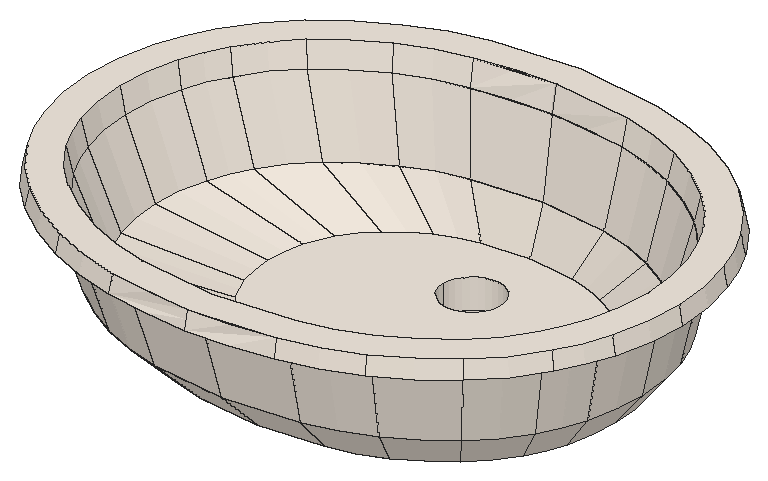
Revit family "Lav-Corian-North_America-Accessible-810", category Plumbing Fixtures, host Face, Revit 2015
Parameters (values of type "810")
  Width = 1' - 6 1/2"
  WFU = 0
  Version = "2014 - 1.0a"  # constant formula
  URL = "http://www.dupont.com/products-and-services/construction-materials/surface-design-materials.html"
  Sink Colors Available = "Bisque, Bone, Cameo White, Designer White, Glacier White, Vanilla"
  Product Page URL = "http://www.dupont.com/products-and-services/construction-materials/surface-design-materials/brands/corian-solid-surfaces/products/corian-sinks.html"
  Model = "810"  # constant formula
  Manufacturer = "DuPont"  # constant formula
  Length = 1' - 3 1/8"
  Interior Width = 1' - 4 1/2"
  Interior Length = 1' - 1 1/8"
  HWFU = 0
  Finish = Solid Surface Sink - DuPont - Bisque
  Description = "Lavatory (ADA Compliant) North American Specification"  # constant formula
  Depth = 0' - 6 1/4"
  Default Elevation = 4' - 0"
  Cost = 0
  CWFU = 0
Reference planes (in)
  plane 1 "Center (Front/Back)": y = 0
  plane 2: z = 0
  plane 3 "Center (Left/Right)": x = 0
  plane 4: y = 7.5625
  plane 5: y = -7.5625
  plane 6: x = -9.25
  plane 7: x = 9.25
  plane 8: z = -6.72244
  plane 9: x = -8.25
  plane 10: x = 8.25
  plane 11: y = 6.5625
  plane 12: y = -6.5625
  plane 13 "NAME": z = -0.47244
  plane 14: z = 0.47244
  plane 15: z = -5.84744
  plane 16: y = 3.50056
  plane 17: y = 3.63871
  plane 18: z = -6.43394
Forms (in)
  Extrusion 1, void
    sketch origin (-12.67972, -180, -0.47244) x (-1, 0, 0) y (0, -1, 0)
      loop
        arc (-12.67972, -173.63733) -> (-13.85098, -173.70961) -> (-15.01253, -173.87658) r 14.4667
        arc (-15.01253, -173.87658) -> (-15.99918, -174.12847) -> (-16.94363, -174.50917) r 7.64934
        arc (-16.94363, -174.50917) -> (-17.84626, -175.01951) -> (-18.67535, -175.64224) r 8.0059
        arc (-18.67535, -175.64224) -> (-19.32705, -176.30105) -> (-19.86269, -177.05725) r 5.66845
        arc (-19.86269, -177.05725) -> (-20.18594, -177.68322) -> (-20.43483, -178.3423) r 6.09835
        arc (-20.43483, -178.3423) -> (-20.64635, -179.24449) -> (-20.72438, -180.16785) r 6.35291
        arc (-20.72438, -180.16785) -> (-20.64635, -181.09122) -> (-20.43483, -181.99341) r 6.35291
        arc (-20.43483, -181.99341) -> (-20.18594, -182.65249) -> (-19.86269, -183.27846) r 6.09835
        arc (-19.86269, -183.27846) -> (-19.32705, -184.03466) -> (-18.67535, -184.69347) r 5.66845
        arc (-18.67535, -184.69347) -> (-17.84626, -185.3162) -> (-16.94363, -185.82654) r 8.0059
        arc (-16.94363, -185.82654) -> (-15.99918, -186.20724) -> (-15.01253, -186.45913) r 7.64934
        arc (-15.01253, -186.45913) -> (-13.85098, -186.6261) -> (-12.67972, -186.69838) r 14.4667
        arc (-12.67972, -186.69838) -> (-11.50845, -186.6261) -> (-10.3469, -186.45913) r 14.4667
        arc (-10.3469, -186.45913) -> (-9.36025, -186.20724) -> (-8.4158, -185.82654) r 7.64934
        arc (-8.4158, -185.82654) -> (-7.51317, -185.3162) -> (-6.68408, -184.69347) r 8.0059
        arc (-6.68408, -184.69347) -> (-6.03238, -184.03466) -> (-5.49674, -183.27846) r 5.66845
        arc (-5.49674, -183.27846) -> (-5.1735, -182.65249) -> (-4.9246, -181.99341) r 6.09835
        arc (-4.9246, -181.99341) -> (-4.71308, -181.09122) -> (-4.63505, -180.16785) r 6.35291
        arc (-4.63505, -180.16785) -> (-4.71308, -179.24449) -> (-4.9246, -178.3423) r 6.35291
        arc (-4.9246, -178.3423) -> (-5.1735, -177.68322) -> (-5.49674, -177.05725) r 6.09835
        arc (-5.49674, -177.05725) -> (-6.03238, -176.30105) -> (-6.68408, -175.64224) r 5.66845
        arc (-6.68408, -175.64224) -> (-7.51317, -175.01951) -> (-8.4158, -174.50917) r 8.0059
        arc (-8.4158, -174.50917) -> (-9.36025, -174.12847) -> (-10.3469, -173.87658) r 7.64934
        arc (-10.3469, -173.87658) -> (-11.50845, -173.70961) -> (-12.67972, -173.63733) r 14.4667
    from -6.25 to 0.94488
  Sweep 2, solid, material "Solid Surface Sink - DuPont - Bisque" <- "Finish"
    path origin (-12.67972, -179.87741, -0.47244) x (-1, 0, 0) y (0, -1, 0)
      loop
        arc (-5.08051, -178.2685) -> (-5.32274, -177.62708) -> (-5.63733, -177.01787) r 5.93498
        arc (-5.63733, -177.01787) -> (-6.15753, -176.28347) -> (-6.79044, -175.64364) r 5.50508
        arc (-6.79044, -175.64364) -> (-7.60262, -175.03363) -> (-8.48683, -174.5337) r 7.84253
        arc (-8.48683, -174.5337) -> (-9.41111, -174.16113) -> (-10.37669, -173.91462) r 7.48597
        arc (-10.37669, -173.91462) -> (-11.52341, -173.74971) -> (-12.67972, -173.67814) r 14.30333
        arc (-12.67972, -173.67814) -> (-13.83602, -173.74971) -> (-14.98274, -173.91462) r 14.30333
        arc (-14.98274, -173.91462) -> (-15.94832, -174.16113) -> (-16.87261, -174.5337) r 7.48597
        arc (-16.87261, -174.5337) -> (-17.75681, -175.03363) -> (-18.56899, -175.64364) r 7.84253
        arc (-18.56899, -175.64364) -> (-19.2019, -176.28347) -> (-19.7221, -177.01787) r 5.50508
        arc (-19.7221, -177.01787) -> (-20.03669, -177.62708) -> (-20.27892, -178.2685) r 5.93498
        arc (-20.27892, -178.2685) -> (-20.48486, -179.14658) -> (-20.561, -180.04526) r 6.18954
        arc (-20.561, -180.04526) -> (-20.48486, -180.94395) -> (-20.27892, -181.82202) r 6.18954
        arc (-20.27892, -181.82202) -> (-20.03669, -182.46345) -> (-19.7221, -183.07265) r 5.93498
        arc (-19.7221, -183.07265) -> (-19.2019, -183.80705) -> (-18.56899, -184.44688) r 5.50508
        arc (-18.56899, -184.44688) -> (-17.75681, -185.0569) -> (-16.87261, -185.55682) r 7.84253
        arc (-16.87261, -185.55682) -> (-15.94832, -185.9294) -> (-14.98274, -186.1759) r 7.48597
        arc (-14.98274, -186.1759) -> (-13.83602, -186.34082) -> (-12.67972, -186.41238) r 14.30333
        arc (-12.67972, -186.41238) -> (-11.52341, -186.34082) -> (-10.37669, -186.1759) r 14.30333
        arc (-10.37669, -186.1759) -> (-9.41111, -185.9294) -> (-8.48683, -185.55682) r 7.48597
        arc (-8.48683, -185.55682) -> (-7.60262, -185.0569) -> (-6.79044, -184.44688) r 7.84253
        arc (-6.79044, -184.44688) -> (-6.15753, -183.80705) -> (-5.63733, -183.07265) r 5.50508
        arc (-5.63733, -183.07265) -> (-5.32274, -182.46345) -> (-5.08051, -181.82202) r 5.93498
        arc (-5.08051, -181.82202) -> (-4.87458, -180.94395) -> (-4.79843, -180.04526) r 6.18954
        arc (-4.79843, -180.04526) -> (-4.87458, -179.14658) -> (-5.08051, -178.2685) r 6.18954
    profile origin (-7.5992, -1.60891, -0.47244) x (-0.954359, -0.298662, 0) y (0, 0, 1)
      loop
        line (0.16337, 0) -> (0, -0.72389) -> (0.45586, -0.72389)
        arc (0.45586, -0.72389) -> (0.50763, -0.59891) -> (0.6326, -0.54715) r 0.17674
        line (0.6326, -0.54715) -> (1.20111, -0.51735) -> (1.09703, 0) -> (0.16337, 0)
  SweptBlend 3, solid, material "Solid Surface Sink - DuPont - Bisque" <- "Finish"
    path origin (0, 0, 0) x (0, 1, 0) y (0, 0, 1)
      loop
        line (3.63871, -6.72244) -> (3.63871, -6.43394)
    profile origin (0, 3.63871, -6.72244) x (0, -1, 0) y (1, 0, 0)
      loop
        arc (1.37688, 0.81326) -> (1.27339, 0.99628) -> (1.14712, 1.1644) r 1.62339
        arc (1.14712, 1.1644) -> (1.01183, 1.29823) -> (0.85654, 1.40823) r 1.16404
        arc (0.85654, 1.40823) -> (0.72838, 1.47441) -> (0.59345, 1.52536) r 1.24852
        arc (0.59345, 1.52536) -> (0.40204, 1.56969) -> (0.20613, 1.58463) r 1.29855
        arc (0.20613, 1.58463) -> (0.01022, 1.56969) -> (-0.18119, 1.52536) r 1.29855
        arc (-0.18119, 1.52536) -> (-0.31612, 1.47441) -> (-0.44428, 1.40823) r 1.24852
        arc (-0.44428, 1.40823) -> (-0.59957, 1.29823) -> (-0.73486, 1.1644) r 1.16404
        arc (-0.73486, 1.1644) -> (-0.86113, 0.99628) -> (-0.96461, 0.81326) r 1.62339
        arc (-0.96461, 0.81326) -> (-1.04192, 0.62147) -> (-1.09307, 0.42111) r 1.55332
        arc (-1.09307, 0.42111) -> (-1.12652, 0.1883) -> (-1.14094, -0.04646) r 2.89308
        arc (-1.14094, -0.04646) -> (-1.12652, -0.28122) -> (-1.09307, -0.51403) r 2.89308
        arc (-1.09307, -0.51403) -> (-1.04192, -0.71439) -> (-0.96461, -0.90618) r 1.55332
        arc (-0.96461, -0.90618) -> (-0.86113, -1.0892) -> (-0.73486, -1.25732) r 1.62339
        arc (-0.73486, -1.25732) -> (-0.59957, -1.39115) -> (-0.44428, -1.50115) r 1.16404
        arc (-0.44428, -1.50115) -> (-0.31612, -1.56733) -> (-0.18119, -1.61828) r 1.24852
        arc (-0.18119, -1.61828) -> (0.01022, -1.66261) -> (0.20613, -1.67755) r 1.29855
        arc (0.20613, -1.67755) -> (0.40204, -1.66261) -> (0.59345, -1.61828) r 1.29855
        arc (0.59345, -1.61828) -> (0.72838, -1.56733) -> (0.85654, -1.50115) r 1.24852
        arc (0.85654, -1.50115) -> (1.01183, -1.39115) -> (1.14712, -1.25732) r 1.16404
        arc (1.14712, -1.25732) -> (1.27339, -1.0892) -> (1.37688, -0.90618) r 1.62339
        arc (1.37688, -0.90618) -> (1.45418, -0.71439) -> (1.50533, -0.51403) r 1.55332
        arc (1.50533, -0.51403) -> (1.53878, -0.28122) -> (1.5532, -0.04646) r 2.89308
        arc (1.5532, -0.04646) -> (1.53878, 0.1883) -> (1.50533, 0.42111) r 2.89308
        arc (1.50533, 0.42111) -> (1.45418, 0.62147) -> (1.37688, 0.81326) r 1.55332
    end profile origin (0, 3.63871, -6.43394) x (0, -1, 0) y (1, 0, 0)
      loop
        arc (1.61586, 0.45294) -> (1.56123, 0.66693) -> (1.47866, 0.87178) r 1.65905
        arc (1.47866, 0.87178) -> (1.36813, 1.06726) -> (1.23326, 1.24683) r 1.7339
        arc (1.23326, 1.24683) -> (1.08876, 1.38976) -> (0.92291, 1.50725) r 1.24327
        arc (0.92291, 1.50725) -> (0.78603, 1.57793) -> (0.64191, 1.63236) r 1.33351
        arc (0.64191, 1.63236) -> (0.43747, 1.6797) -> (0.22822, 1.69566) r 1.38694
        arc (0.22822, 1.69566) -> (0.01898, 1.6797) -> (-0.18546, 1.63236) r 1.38694
        arc (-0.18546, 1.63236) -> (-0.32958, 1.57793) -> (-0.46646, 1.50725) r 1.33351
        arc (-0.46646, 1.50725) -> (-0.63232, 1.38976) -> (-0.77682, 1.24683) r 1.24327
        arc (-0.77682, 1.24683) -> (-0.91169, 1.06726) -> (-1.02221, 0.87178) r 1.7339
        arc (-1.02221, 0.87178) -> (-1.10478, 0.66693) -> (-1.15942, 0.45294) r 1.65905
        arc (-1.15942, 0.45294) -> (-1.19514, 0.20428) -> (-1.21054, -0.04646) r 3.09001
        arc (-1.21054, -0.04646) -> (-1.19514, -0.2972) -> (-1.15942, -0.54586) r 3.09001
        arc (-1.15942, -0.54586) -> (-1.10478, -0.75985) -> (-1.02221, -0.9647) r 1.65905
        arc (-1.02221, -0.9647) -> (-0.91169, -1.16018) -> (-0.77682, -1.33975) r 1.7339
        arc (-0.77682, -1.33975) -> (-0.63232, -1.48268) -> (-0.46646, -1.60017) r 1.24327
        arc (-0.46646, -1.60017) -> (-0.32958, -1.67085) -> (-0.18546, -1.72528) r 1.33351
        arc (-0.18546, -1.72528) -> (0.01898, -1.77262) -> (0.22822, -1.78858) r 1.38694
        arc (0.22822, -1.78858) -> (0.43747, -1.77262) -> (0.64191, -1.72528) r 1.38694
        arc (0.64191, -1.72528) -> (0.78603, -1.67085) -> (0.92291, -1.60017) r 1.33351
        arc (0.92291, -1.60017) -> (1.08876, -1.48268) -> (1.23326, -1.33975) r 1.24327
        arc (1.23326, -1.33975) -> (1.36813, -1.16018) -> (1.47866, -0.9647) r 1.7339
        arc (1.47866, -0.9647) -> (1.56123, -0.75985) -> (1.61586, -0.54586) r 1.65905
        arc (1.61586, -0.54586) -> (1.65158, -0.2972) -> (1.66699, -0.04646) r 3.09001
        arc (1.66699, -0.04646) -> (1.65158, 0.20428) -> (1.61586, 0.45294) r 3.09001
  Extrusion 4, void
    sketch origin (-12.67972, -180, -0.47244) x (-1, 0, 0) y (0, -1, 0)
      loop
        circle (-12.67972, -183.50056) r 0.875
    from -6.51506 to 1.76754
  SweptBlend 5, solid, material "Solid Surface Sink - DuPont - Bisque" <- "Finish"
    path origin (0, 0, 0) x (0, 1, 0) y (0, 0, 1)
      loop
        line (3.68966, -1.19633) -> (3.68966, -3.44633)
    profile origin (0, 3.68966, -1.19633) x (1, 0, 0) y (0, 1, 0)
      loop
        arc (-2.4036, 3.04467) -> (-3.43355, 2.78174) -> (-4.41944, 2.38433) r 7.98499
        arc (-4.41944, 2.38433) -> (-5.36032, 1.85236) -> (-6.22455, 1.20324) r 8.34519
        arc (-6.22455, 1.20324) -> (-6.91251, 0.50777) -> (-7.47795, -0.2905) r 5.98384
        arc (-7.47795, -0.2905) -> (-7.81815, -0.9493) -> (-8.0801, -1.64294) r 6.41814
        arc (-8.0801, -1.64294) -> (-8.30258, -2.59235) -> (-8.38437, -3.56404) r 6.67531
        arc (-8.38437, -3.56404) -> (-8.30258, -4.53574) -> (-8.0801, -5.48515) r 6.67531
        arc (-8.0801, -5.48515) -> (-7.81815, -6.17879) -> (-7.47795, -6.83759) r 6.41814
        arc (-7.47795, -6.83759) -> (-6.91251, -7.63586) -> (-6.22455, -8.33133) r 5.98384
        arc (-6.22455, -8.33133) -> (-5.36032, -8.98044) -> (-4.41944, -9.51241) r 8.34519
        arc (-4.41944, -9.51241) -> (-3.43355, -9.90983) -> (-2.4036, -10.17276) r 7.98499
        arc (-2.4036, -10.17276) -> (-1.20681, -10.34469) -> (0, -10.41883) r 14.87212
        arc (0, -10.41883) -> (1.20681, -10.34469) -> (2.4036, -10.17276) r 14.87212
        arc (2.4036, -10.17276) -> (3.43355, -9.90983) -> (4.41944, -9.51241) r 7.98499
        arc (4.41944, -9.51241) -> (5.36032, -8.98044) -> (6.22455, -8.33133) r 8.34519
        arc (6.22455, -8.33133) -> (6.91251, -7.63586) -> (7.47795, -6.83759) r 5.98384
        arc (7.47795, -6.83759) -> (7.81815, -6.17879) -> (8.0801, -5.48515) r 6.41814
        arc (8.0801, -5.48515) -> (8.30258, -4.53574) -> (8.38437, -3.56404) r 6.67531
        arc (8.38437, -3.56404) -> (8.30258, -2.59235) -> (8.0801, -1.64294) r 6.67531
        arc (8.0801, -1.64294) -> (7.81815, -0.9493) -> (7.47795, -0.2905) r 6.41814
        arc (7.47795, -0.2905) -> (6.91251, 0.50777) -> (6.22455, 1.20324) r 5.98384
        arc (6.22455, 1.20324) -> (5.36032, 1.85236) -> (4.41944, 2.38433) r 8.34519
        arc (4.41944, 2.38433) -> (3.43355, 2.78174) -> (2.4036, 3.04467) r 7.98499
        arc (2.4036, 3.04467) -> (1.20681, 3.2166) -> (0, 3.29075) r 14.87212
        arc (0, 3.29075) -> (-1.20681, 3.2166) -> (-2.4036, 3.04467) r 14.87212
    end profile origin (0, 3.68966, -3.44633) x (1, 0, 0) y (0, 1, 0)
      loop
        arc (-2.2193, 2.74791) -> (-3.17027, 2.50513) -> (-4.08057, 2.13819) r 7.37272
        arc (-4.08057, 2.13819) -> (-4.9493, 1.64701) -> (-5.74727, 1.04767) r 7.7053
        arc (-5.74727, 1.04767) -> (-6.38247, 0.40553) -> (-6.90456, -0.33153) r 5.52501
        arc (-6.90456, -0.33153) -> (-7.21867, -0.93982) -> (-7.46053, -1.58027) r 5.92601
        arc (-7.46053, -1.58027) -> (-7.66596, -2.45688) -> (-7.74148, -3.35407) r 6.16346
        arc (-7.74148, -3.35407) -> (-7.66596, -4.25126) -> (-7.46053, -5.12787) r 6.16346
        arc (-7.46053, -5.12787) -> (-7.21867, -5.76832) -> (-6.90456, -6.37661) r 5.92601
        arc (-6.90456, -6.37661) -> (-6.38247, -7.11367) -> (-5.74727, -7.75581) r 5.52501
        arc (-5.74727, -7.75581) -> (-4.9493, -8.35515) -> (-4.08057, -8.84633) r 7.7053
        arc (-4.08057, -8.84633) -> (-3.17027, -9.21327) -> (-2.2193, -9.45605) r 7.37272
        arc (-2.2193, -9.45605) -> (-1.11427, -9.61479) -> (0, -9.68325) r 13.73176
        arc (0, -9.68325) -> (1.11427, -9.61479) -> (2.2193, -9.45605) r 13.73176
        arc (2.2193, -9.45605) -> (3.17027, -9.21327) -> (4.08057, -8.84633) r 7.37272
        arc (4.08057, -8.84633) -> (4.9493, -8.35515) -> (5.74727, -7.75581) r 7.7053
        arc (5.74727, -7.75581) -> (6.38247, -7.11367) -> (6.90456, -6.37661) r 5.52501
        arc (6.90456, -6.37661) -> (7.21867, -5.76832) -> (7.46053, -5.12787) r 5.92601
        arc (7.46053, -5.12787) -> (7.66596, -4.25126) -> (7.74148, -3.35407) r 6.16346
        arc (7.74148, -3.35407) -> (7.66596, -2.45688) -> (7.46053, -1.58027) r 6.16346
        arc (7.46053, -1.58027) -> (7.21867, -0.93982) -> (6.90456, -0.33153) r 5.92601
        arc (6.90456, -0.33153) -> (6.38247, 0.40553) -> (5.74727, 1.04767) r 5.52501
        arc (5.74727, 1.04767) -> (4.9493, 1.64701) -> (4.08057, 2.13819) r 7.7053
        arc (4.08057, 2.13819) -> (3.17027, 2.50513) -> (2.2193, 2.74791) r 7.37272
        arc (2.2193, 2.74791) -> (1.11427, 2.90665) -> (0, 2.97511) r 13.73176
        arc (0, 2.97511) -> (-1.11427, 2.90665) -> (-2.2193, 2.74791) r 13.73176
  SweptBlend 6, solid, material "Solid Surface Sink - DuPont - Bisque" <- "Finish"
    path origin (0, 0, 0) x (0, 1, 0) y (0, 0, 1)
      loop
        line (3.63871, -3.44633) -> (3.63871, -4.80602)
    profile origin (0, 3.63871, -3.44633) x (1, 0, 0) y (0, 1, 0)
      loop
        arc (5.74727, -7.70486) -> (6.38247, -7.06272) -> (6.90456, -6.32566) r 5.52501
        arc (6.90456, -6.32566) -> (7.21867, -5.71737) -> (7.46053, -5.07692) r 5.92601
        arc (7.46053, -5.07692) -> (7.66596, -4.20031) -> (7.74148, -3.30312) r 6.16346
        arc (7.74148, -3.30312) -> (7.66596, -2.40593) -> (7.46053, -1.52932) r 6.16346
        arc (7.46053, -1.52932) -> (7.21867, -0.88887) -> (6.90456, -0.28058) r 5.92601
        arc (6.90456, -0.28058) -> (6.38247, 0.45648) -> (5.74727, 1.09862) r 5.52501
        arc (5.74727, 1.09862) -> (4.9493, 1.69796) -> (4.08057, 2.18914) r 7.7053
        arc (4.08057, 2.18914) -> (3.17027, 2.55608) -> (2.2193, 2.79886) r 7.37272
        arc (2.2193, 2.79886) -> (1.11427, 2.9576) -> (0, 3.02606) r 13.73176
        arc (0, 3.02606) -> (-1.11427, 2.9576) -> (-2.2193, 2.79886) r 13.73176
        arc (-2.2193, 2.79886) -> (-3.17027, 2.55608) -> (-4.08057, 2.18914) r 7.37272
        arc (-4.08057, 2.18914) -> (-4.9493, 1.69796) -> (-5.74727, 1.09862) r 7.7053
        arc (-5.74727, 1.09862) -> (-6.38247, 0.45648) -> (-6.90456, -0.28058) r 5.52501
        arc (-6.90456, -0.28058) -> (-7.21867, -0.88887) -> (-7.46053, -1.52932) r 5.92601
        arc (-7.46053, -1.52932) -> (-7.66596, -2.40593) -> (-7.74148, -3.30312) r 6.16346
        arc (-7.74148, -3.30312) -> (-7.66596, -4.20031) -> (-7.46053, -5.07692) r 6.16346
        arc (-7.46053, -5.07692) -> (-7.21867, -5.71737) -> (-6.90456, -6.32566) r 5.92601
        arc (-6.90456, -6.32566) -> (-6.38247, -7.06272) -> (-5.74727, -7.70486) r 5.52501
        arc (-5.74727, -7.70486) -> (-4.9493, -8.3042) -> (-4.08057, -8.79538) r 7.7053
        arc (-4.08057, -8.79538) -> (-3.17027, -9.16232) -> (-2.2193, -9.4051) r 7.37272
        arc (-2.2193, -9.4051) -> (-1.11427, -9.56384) -> (0, -9.6323) r 13.73176
        arc (0, -9.6323) -> (1.11427, -9.56384) -> (2.2193, -9.4051) r 13.73176
        arc (2.2193, -9.4051) -> (3.17027, -9.16232) -> (4.08057, -8.79538) r 7.37272
        arc (4.08057, -8.79538) -> (4.9493, -8.3042) -> (5.74727, -7.70486) r 7.7053
    end profile origin (0, 3.63871, -4.80602) x (1, 0, 0) y (0, 1, 0)
      loop
        arc (4.84368, 0.98441) -> (4.16451, 1.49452) -> (3.42511, 1.91258) r 6.5582
        arc (3.42511, 1.91258) -> (2.65033, 2.22489) -> (1.84093, 2.43152) r 6.27513
        arc (1.84093, 2.43152) -> (0.90041, 2.56664) -> (-0.04798, 2.6249) r 11.68749
        arc (-0.04798, 2.6249) -> (-0.99637, 2.56664) -> (-1.93689, 2.43152) r 11.68749
        arc (-1.93689, 2.43152) -> (-2.74629, 2.22489) -> (-3.52107, 1.91258) r 6.27513
        arc (-3.52107, 1.91258) -> (-4.26047, 1.49452) -> (-4.93964, 0.98441) r 6.5582
        arc (-4.93964, 0.98441) -> (-5.48028, 0.43786) -> (-5.92465, -0.18948) r 4.7025
        arc (-5.92465, -0.18948) -> (-6.192, -0.7072) -> (-6.39785, -1.25231) r 5.04379
        arc (-6.39785, -1.25231) -> (-6.57692, -2.02558) -> (-6.63728, -2.81701) r 5.2459
        arc (-6.63728, -2.81701) -> (-6.57692, -3.60844) -> (-6.39785, -4.38171) r 5.2459
        arc (-6.39785, -4.38171) -> (-6.192, -4.92682) -> (-5.92465, -5.44455) r 5.04379
        arc (-5.92465, -5.44455) -> (-5.48028, -6.07188) -> (-4.93964, -6.61843) r 4.7025
        arc (-4.93964, -6.61843) -> (-4.26047, -7.12854) -> (-3.52107, -7.5466) r 6.5582
        arc (-3.52107, -7.5466) -> (-2.74629, -7.85891) -> (-1.93689, -8.06555) r 6.27513
        arc (-1.93689, -8.06555) -> (-0.99637, -8.20066) -> (-0.04798, -8.25893) r 11.68749
        arc (-0.04798, -8.25893) -> (0.90041, -8.20066) -> (1.84093, -8.06555) r 11.68749
        arc (1.84093, -8.06555) -> (2.65033, -7.85891) -> (3.42511, -7.5466) r 6.27513
        arc (3.42511, -7.5466) -> (4.16451, -7.12854) -> (4.84368, -6.61843) r 6.5582
        arc (4.84368, -6.61843) -> (5.38432, -6.07188) -> (5.82869, -5.44455) r 4.7025
        arc (5.82869, -5.44455) -> (6.09604, -4.92682) -> (6.30189, -4.38171) r 5.04379
        arc (6.30189, -4.38171) -> (6.48096, -3.60844) -> (6.54132, -2.81701) r 5.2459
        arc (6.54132, -2.81701) -> (6.48096, -2.02558) -> (6.30189, -1.25231) r 5.2459
        arc (6.30189, -1.25231) -> (6.09604, -0.7072) -> (5.82869, -0.18948) r 5.04379
        arc (5.82869, -0.18948) -> (5.38432, 0.43786) -> (4.84368, 0.98441) r 4.7025
  SweptBlend 7, solid, material "Solid Surface Sink - DuPont - Bisque" <- "Finish"
    path origin (0, 0, 0) x (0, 1, 0) y (0, 0, 1)
      loop
        line (3.63871, -4.80602) -> (3.63871, -5.7087)
    profile origin (0, 3.63871, -4.80602) x (1, 0, 0) y (0, 1, 0)
      loop
        arc (6.30189, -4.38171) -> (6.48096, -3.60844) -> (6.54132, -2.81701) r 5.2459
        arc (6.54132, -2.81701) -> (6.48096, -2.02558) -> (6.30189, -1.25231) r 5.2459
        arc (6.30189, -1.25231) -> (6.09604, -0.7072) -> (5.82869, -0.18948) r 5.04379
        arc (5.82869, -0.18948) -> (5.38432, 0.43786) -> (4.84368, 0.98441) r 4.7025
        arc (4.84368, 0.98441) -> (4.16451, 1.49452) -> (3.42511, 1.91258) r 6.5582
        arc (3.42511, 1.91258) -> (2.65033, 2.22489) -> (1.84093, 2.43152) r 6.27513
        arc (1.84093, 2.43152) -> (0.90041, 2.56664) -> (-0.04798, 2.6249) r 11.68749
        arc (-0.04798, 2.6249) -> (-0.99637, 2.56664) -> (-1.93689, 2.43152) r 11.68749
        arc (-1.93689, 2.43152) -> (-2.74629, 2.22489) -> (-3.52107, 1.91258) r 6.27513
        arc (-3.52107, 1.91258) -> (-4.26047, 1.49452) -> (-4.93964, 0.98441) r 6.5582
        arc (-4.93964, 0.98441) -> (-5.48028, 0.43786) -> (-5.92465, -0.18948) r 4.7025
        arc (-5.92465, -0.18948) -> (-6.192, -0.7072) -> (-6.39785, -1.25231) r 5.04379
        arc (-6.39785, -1.25231) -> (-6.57692, -2.02558) -> (-6.63728, -2.81701) r 5.2459
        arc (-6.63728, -2.81701) -> (-6.57692, -3.60844) -> (-6.39785, -4.38171) r 5.2459
        arc (-6.39785, -4.38171) -> (-6.192, -4.92682) -> (-5.92465, -5.44455) r 5.04379
        arc (-5.92465, -5.44455) -> (-5.48028, -6.07188) -> (-4.93964, -6.61843) r 4.7025
        arc (-4.93964, -6.61843) -> (-4.26047, -7.12854) -> (-3.52107, -7.5466) r 6.5582
        arc (-3.52107, -7.5466) -> (-2.74629, -7.85891) -> (-1.93689, -8.06555) r 6.27513
        arc (-1.93689, -8.06555) -> (-0.99637, -8.20066) -> (-0.04798, -8.25893) r 11.68749
        arc (-0.04798, -8.25893) -> (0.90041, -8.20066) -> (1.84093, -8.06555) r 11.68749
        arc (1.84093, -8.06555) -> (2.65033, -7.85891) -> (3.42511, -7.5466) r 6.27513
        arc (3.42511, -7.5466) -> (4.16451, -7.12854) -> (4.84368, -6.61843) r 6.5582
        arc (4.84368, -6.61843) -> (5.38432, -6.07188) -> (5.82869, -5.44455) r 4.7025
        arc (5.82869, -5.44455) -> (6.09604, -4.92682) -> (6.30189, -4.38171) r 5.04379
    end profile origin (0, 3.63871, -5.7087) x (1, 0, 0) y (0, 1, 0)
      loop
        arc (-0.04646, -6.25889) -> (0.68924, -6.21369) -> (1.41883, -6.10888) r 9.06639
        arc (1.41883, -6.10888) -> (2.04671, -5.94859) -> (2.64774, -5.70632) r 4.86784
        arc (2.64774, -5.70632) -> (3.22132, -5.38202) -> (3.74817, -4.9863) r 5.08742
        arc (3.74817, -4.9863) -> (4.16757, -4.56233) -> (4.51228, -4.07568) r 3.64789
        arc (4.51228, -4.07568) -> (4.71967, -3.67406) -> (4.87936, -3.2512) r 3.91265
        arc (4.87936, -3.2512) -> (5.01827, -2.65135) -> (5.06509, -2.03741) r 4.06943
        arc (5.06509, -2.03741) -> (5.01827, -1.42347) -> (4.87936, -0.82362) r 4.06943
        arc (4.87936, -0.82362) -> (4.71967, -0.40076) -> (4.51228, 0.00086) r 3.91265
        arc (4.51228, 0.00086) -> (4.16757, 0.4875) -> (3.74817, 0.91148) r 3.64789
        arc (3.74817, 0.91148) -> (3.22132, 1.30719) -> (2.64774, 1.6315) r 5.08742
        arc (2.64774, 1.6315) -> (2.04671, 1.87377) -> (1.41883, 2.03406) r 4.86784
        arc (1.41883, 2.03406) -> (0.68924, 2.13887) -> (-0.04646, 2.18407) r 9.06639
        arc (-0.04646, 2.18407) -> (-0.78216, 2.13887) -> (-1.51175, 2.03406) r 9.06639
        arc (-1.51175, 2.03406) -> (-2.13963, 1.87377) -> (-2.74066, 1.6315) r 4.86784
        arc (-2.74066, 1.6315) -> (-3.31424, 1.30719) -> (-3.84109, 0.91148) r 5.08742
        arc (-3.84109, 0.91148) -> (-4.26049, 0.4875) -> (-4.6052, 0.00086) r 3.64789
        arc (-4.6052, 0.00086) -> (-4.81259, -0.40076) -> (-4.97228, -0.82362) r 3.91265
        arc (-4.97228, -0.82362) -> (-5.11119, -1.42347) -> (-5.15801, -2.03741) r 4.06943
        arc (-5.15801, -2.03741) -> (-5.11119, -2.65135) -> (-4.97228, -3.2512) r 4.06943
        arc (-4.97228, -3.2512) -> (-4.81259, -3.67406) -> (-4.6052, -4.07568) r 3.91265
        arc (-4.6052, -4.07568) -> (-4.26049, -4.56233) -> (-3.84109, -4.9863) r 3.64789
        arc (-3.84109, -4.9863) -> (-3.31424, -5.38202) -> (-2.74066, -5.70632) r 5.08742
        arc (-2.74066, -5.70632) -> (-2.13963, -5.94859) -> (-1.51175, -6.10888) r 4.86784
        arc (-1.51175, -6.10888) -> (-0.78216, -6.21369) -> (-0.04646, -6.25889) r 9.06639
  SweptBlend 8, solid, material "Solid Surface Sink - DuPont - Bisque" <- "Finish"
    path origin (0, 0, 0) x (0, 1, 0) y (0, 0, 1)
      loop
        line (3.63957, -5.7087) -> (3.63957, -6.43394)
    profile origin (0, 3.63957, -5.7087) x (1, 0, 0) y (0, 1, 0)
      loop
        arc (5.06509, -2.03827) -> (5.01827, -1.42433) -> (4.87936, -0.82448) r 4.06943
        arc (4.87936, -0.82448) -> (4.71967, -0.40162) -> (4.51228, 0) r 3.91265
        arc (4.51228, 0) -> (4.16757, 0.48664) -> (3.74817, 0.91062) r 3.64789
        arc (3.74817, 0.91062) -> (3.22132, 1.30634) -> (2.64774, 1.63064) r 5.08742
        arc (2.64774, 1.63064) -> (2.04671, 1.87291) -> (1.41883, 2.0332) r 4.86784
        arc (1.41883, 2.0332) -> (0.68924, 2.13801) -> (-0.04646, 2.18321) r 9.06639
        arc (-0.04646, 2.18321) -> (-0.78216, 2.13801) -> (-1.51175, 2.0332) r 9.06639
        arc (-1.51175, 2.0332) -> (-2.13963, 1.87291) -> (-2.74066, 1.63064) r 4.86784
        arc (-2.74066, 1.63064) -> (-3.31424, 1.30634) -> (-3.84109, 0.91062) r 5.08742
        arc (-3.84109, 0.91062) -> (-4.26049, 0.48664) -> (-4.6052, 0) r 3.64789
        arc (-4.6052, 0) -> (-4.81259, -0.40162) -> (-4.97228, -0.82448) r 3.91265
        arc (-4.97228, -0.82448) -> (-5.11119, -1.42433) -> (-5.15801, -2.03827) r 4.06943
        arc (-5.15801, -2.03827) -> (-5.11119, -2.65221) -> (-4.97228, -3.25206) r 4.06943
        arc (-4.97228, -3.25206) -> (-4.81259, -3.67492) -> (-4.6052, -4.07654) r 3.91265
        arc (-4.6052, -4.07654) -> (-4.26049, -4.56319) -> (-3.84109, -4.98716) r 3.64789
        arc (-3.84109, -4.98716) -> (-3.31424, -5.38288) -> (-2.74066, -5.70718) r 5.08742
        arc (-2.74066, -5.70718) -> (-2.13963, -5.94945) -> (-1.51175, -6.10974) r 4.86784
        arc (-1.51175, -6.10974) -> (-0.78216, -6.21455) -> (-0.04646, -6.25975) r 9.06639
        arc (-0.04646, -6.25975) -> (0.68924, -6.21455) -> (1.41883, -6.10974) r 9.06639
        arc (1.41883, -6.10974) -> (2.04671, -5.94945) -> (2.64774, -5.70718) r 4.86784
        arc (2.64774, -5.70718) -> (3.22132, -5.38288) -> (3.74817, -4.98716) r 5.08742
        arc (3.74817, -4.98716) -> (4.16757, -4.56319) -> (4.51228, -4.07654) r 3.64789
        arc (4.51228, -4.07654) -> (4.71967, -3.67492) -> (4.87936, -3.25206) r 3.91265
        arc (4.87936, -3.25206) -> (5.01827, -2.65221) -> (5.06509, -2.03827) r 4.06943
    end profile origin (0, 3.63957, -6.43394) x (1, 0, 0) y (0, 1, 0)
      loop
        arc (0.87178, -1.47952) -> (1.06726, -1.36899) -> (1.24683, -1.23412) r 1.7339
        arc (1.24683, -1.23412) -> (1.38976, -1.08962) -> (1.50725, -0.92377) r 1.24327
        arc (1.50725, -0.92377) -> (1.57793, -0.78689) -> (1.63236, -0.64277) r 1.33351
        arc (1.63236, -0.64277) -> (1.6797, -0.43833) -> (1.69566, -0.22908) r 1.38694
        arc (1.69566, -0.22908) -> (1.6797, -0.01984) -> (1.63236, 0.1846) r 1.38694
        arc (1.63236, 0.1846) -> (1.57793, 0.32872) -> (1.50725, 0.4656) r 1.33351
        arc (1.50725, 0.4656) -> (1.38976, 0.63146) -> (1.24683, 0.77596) r 1.24327
        arc (1.24683, 0.77596) -> (1.06726, 0.91083) -> (0.87178, 1.02135) r 1.7339
        arc (0.87178, 1.02135) -> (0.66693, 1.10392) -> (0.45294, 1.15856) r 1.65905
        arc (0.45294, 1.15856) -> (0.20428, 1.19428) -> (-0.04646, 1.20968) r 3.09001
        arc (-0.04646, 1.20968) -> (-0.2972, 1.19428) -> (-0.54586, 1.15856) r 3.09001
        arc (-0.54586, 1.15856) -> (-0.75985, 1.10392) -> (-0.9647, 1.02135) r 1.65905
        arc (-0.9647, 1.02135) -> (-1.16018, 0.91083) -> (-1.33975, 0.77596) r 1.7339
        arc (-1.33975, 0.77596) -> (-1.48268, 0.63146) -> (-1.60017, 0.4656) r 1.24327
        arc (-1.60017, 0.4656) -> (-1.67085, 0.32872) -> (-1.72528, 0.1846) r 1.33351
        arc (-1.72528, 0.1846) -> (-1.77262, -0.01984) -> (-1.78858, -0.22908) r 1.38694
        arc (-1.78858, -0.22908) -> (-1.77262, -0.43833) -> (-1.72528, -0.64277) r 1.38694
        arc (-1.72528, -0.64277) -> (-1.67085, -0.78689) -> (-1.60017, -0.92377) r 1.33351
        arc (-1.60017, -0.92377) -> (-1.48268, -1.08962) -> (-1.33975, -1.23412) r 1.24327
        arc (-1.33975, -1.23412) -> (-1.16018, -1.36899) -> (-0.9647, -1.47952) r 1.7339
        arc (-0.9647, -1.47952) -> (-0.75985, -1.56209) -> (-0.54586, -1.61672) r 1.65905
        arc (-0.54586, -1.61672) -> (-0.2972, -1.65244) -> (-0.04646, -1.66785) r 3.09001
        arc (-0.04646, -1.66785) -> (0.20428, -1.65244) -> (0.45294, -1.61672) r 3.09001
        arc (0.45294, -1.61672) -> (0.66693, -1.56209) -> (0.87178, -1.47952) r 1.65905
  SweptBlend 9, void
    path origin (0, 0, 0) x (0, 1, 0) y (0, 0, 1)
      loop
        line (3.63871, -0.47244) -> (3.63871, -3.44633)
    profile origin (0, 3.63871, -0.47244) x (1, 0, 0) y (0, 1, 0)
      loop
        arc (-4.33382, 2.12537) -> (-5.24532, 1.61002) -> (-6.08256, 0.98118) r 8.08456
        arc (-6.08256, 0.98118) -> (-6.73105, 0.3256) -> (-7.26405, -0.42687) r 5.64056
        arc (-7.26405, -0.42687) -> (-7.58686, -1.052) -> (-7.83542, -1.71018) r 6.09006
        arc (-7.83542, -1.71018) -> (-8.0468, -2.61124) -> (-8.12508, -3.53345) r 6.35623
        arc (-8.12508, -3.53345) -> (-8.0468, -4.45566) -> (-7.83542, -5.35672) r 6.35623
        arc (-7.83542, -5.35672) -> (-7.58686, -6.0149) -> (-7.26405, -6.64003) r 6.09006
        arc (-7.26405, -6.64003) -> (-6.73105, -7.3925) -> (-6.08256, -8.04807) r 5.64056
        arc (-6.08256, -8.04807) -> (-5.24532, -8.67692) -> (-4.33382, -9.19227) r 8.08456
        arc (-4.33382, -9.19227) -> (-3.38166, -9.57608) -> (-2.38696, -9.83002) r 7.71175
        arc (-2.38696, -9.83002) -> (-1.19845, -10.001) -> (0, -10.07532) r 14.83995
        arc (0, -10.07532) -> (1.19845, -10.001) -> (2.38696, -9.83002) r 14.83995
        arc (2.38696, -9.83002) -> (3.38166, -9.57608) -> (4.33382, -9.19227) r 7.71175
        arc (4.33382, -9.19227) -> (5.24532, -8.67692) -> (6.08256, -8.04807) r 8.08456
        arc (6.08256, -8.04807) -> (6.73105, -7.3925) -> (7.26405, -6.64003) r 5.64056
        arc (7.26405, -6.64003) -> (7.58686, -6.0149) -> (7.83542, -5.35672) r 6.09006
        arc (7.83542, -5.35672) -> (8.0468, -4.45566) -> (8.12508, -3.53345) r 6.35623
        arc (8.12508, -3.53345) -> (8.0468, -2.61124) -> (7.83542, -1.71018) r 6.35623
        arc (7.83542, -1.71018) -> (7.58686, -1.052) -> (7.26405, -0.42687) r 6.09006
        arc (7.26405, -0.42687) -> (6.73105, 0.3256) -> (6.08256, 0.98118) r 5.64056
        arc (6.08256, 0.98118) -> (5.24532, 1.61002) -> (4.33382, 2.12537) r 8.08456
        arc (4.33382, 2.12537) -> (3.38166, 2.50918) -> (2.38696, 2.76312) r 7.71175
        arc (2.38696, 2.76312) -> (1.19845, 2.9341) -> (0, 3.00842) r 14.83995
        arc (0, 3.00842) -> (-1.19845, 2.9341) -> (-2.38696, 2.76312) r 14.83995
        arc (-2.38696, 2.76312) -> (-3.38166, 2.50918) -> (-4.33382, 2.12537) r 7.71175
    end profile origin (0, 3.63871, -3.44633) x (1, 0, 0) y (0, 1, 0)
      loop
        arc (2.04214, 2.3386) -> (1.02532, 2.48467) -> (0, 2.54766) r 12.63562
        arc (0, 2.54766) -> (-1.02532, 2.48467) -> (-2.04214, 2.3386) r 12.63562
        arc (-2.04214, 2.3386) -> (-2.9172, 2.1152) -> (-3.75484, 1.77755) r 6.78419
        arc (-3.75484, 1.77755) -> (-4.55423, 1.32558) -> (-5.28849, 0.77408) r 7.09022
        arc (-5.28849, 0.77408) -> (-5.87299, 0.1832) -> (-6.3534, -0.49503) r 5.08398
        arc (-6.3534, -0.49503) -> (-6.64244, -1.05476) -> (-6.865, -1.64408) r 5.45296
        arc (-6.865, -1.64408) -> (-7.05402, -2.45072) -> (-7.12351, -3.27629) r 5.67146
        arc (-7.12351, -3.27629) -> (-7.05402, -4.10186) -> (-6.865, -4.90849) r 5.67146
        arc (-6.865, -4.90849) -> (-6.64244, -5.49782) -> (-6.3534, -6.05755) r 5.45296
        arc (-6.3534, -6.05755) -> (-5.87299, -6.73578) -> (-5.28849, -7.32666) r 5.08398
        arc (-5.28849, -7.32666) -> (-4.55423, -7.87816) -> (-3.75484, -8.33013) r 7.09022
        arc (-3.75484, -8.33013) -> (-2.9172, -8.66778) -> (-2.04214, -8.89117) r 6.78419
        arc (-2.04214, -8.89117) -> (-1.02532, -9.03725) -> (0, -9.10024) r 12.63562
        arc (0, -9.10024) -> (1.02532, -9.03725) -> (2.04214, -8.89117) r 12.63562
        arc (2.04214, -8.89117) -> (2.9172, -8.66778) -> (3.75484, -8.33013) r 6.78419
        arc (3.75484, -8.33013) -> (4.55423, -7.87816) -> (5.28849, -7.32666) r 7.09022
        arc (5.28849, -7.32666) -> (5.87299, -6.73578) -> (6.3534, -6.05755) r 5.08398
        arc (6.3534, -6.05755) -> (6.64244, -5.49782) -> (6.865, -4.90849) r 5.45296
        arc (6.865, -4.90849) -> (7.05402, -4.10186) -> (7.12351, -3.27629) r 5.67146
        arc (7.12351, -3.27629) -> (7.05402, -2.45072) -> (6.865, -1.64408) r 5.67146
        arc (6.865, -1.64408) -> (6.64244, -1.05476) -> (6.3534, -0.49503) r 5.45296
        arc (6.3534, -0.49503) -> (5.87299, 0.1832) -> (5.28849, 0.77408) r 5.08398
        arc (5.28849, 0.77408) -> (4.55423, 1.32558) -> (3.75484, 1.77755) r 7.09022
        arc (3.75484, 1.77755) -> (2.9172, 2.1152) -> (2.04214, 2.3386) r 6.78419
  SweptBlend 10, void
    path origin (0, 0, 0) x (0, 1, 0) y (0, 0, 1)
      loop
        line (3.63871, -3.44633) -> (3.63871, -5.69633)
    profile origin (0, 3.63871, -3.44633) x (1, 0, 0) y (0, 1, 0)
      loop
        arc (-3.75484, -8.33013) -> (-2.9172, -8.66778) -> (-2.04214, -8.89117) r 6.78419
        arc (-2.04214, -8.89117) -> (-1.02532, -9.03725) -> (0, -9.10024) r 12.63562
        arc (0, -9.10024) -> (1.02532, -9.03725) -> (2.04214, -8.89117) r 12.63562
        arc (2.04214, -8.89117) -> (2.9172, -8.66778) -> (3.75484, -8.33013) r 6.78419
        arc (3.75484, -8.33013) -> (4.55423, -7.87816) -> (5.28849, -7.32666) r 7.09022
        arc (5.28849, -7.32666) -> (5.87299, -6.73578) -> (6.3534, -6.05755) r 5.08398
        arc (6.3534, -6.05755) -> (6.64244, -5.49782) -> (6.865, -4.90849) r 5.45296
        arc (6.865, -4.90849) -> (7.05402, -4.10186) -> (7.12351, -3.27629) r 5.67146
        arc (7.12351, -3.27629) -> (7.05402, -2.45072) -> (6.865, -1.64408) r 5.67146
        arc (6.865, -1.64408) -> (6.64244, -1.05476) -> (6.3534, -0.49503) r 5.45296
        arc (6.3534, -0.49503) -> (5.87299, 0.1832) -> (5.28849, 0.77408) r 5.08398
        arc (5.28849, 0.77408) -> (4.55423, 1.32558) -> (3.75484, 1.77755) r 7.09022
        arc (3.75484, 1.77755) -> (2.9172, 2.1152) -> (2.04214, 2.3386) r 6.78419
        arc (2.04214, 2.3386) -> (1.02532, 2.48467) -> (0, 2.54766) r 12.63562
        arc (0, 2.54766) -> (-1.02532, 2.48467) -> (-2.04214, 2.3386) r 12.63562
        arc (-2.04214, 2.3386) -> (-2.9172, 2.1152) -> (-3.75484, 1.77755) r 6.78419
        arc (-3.75484, 1.77755) -> (-4.55423, 1.32558) -> (-5.28849, 0.77408) r 7.09022
        arc (-5.28849, 0.77408) -> (-5.87299, 0.1832) -> (-6.3534, -0.49503) r 5.08398
        arc (-6.3534, -0.49503) -> (-6.64244, -1.05476) -> (-6.865, -1.64408) r 5.45296
        arc (-6.865, -1.64408) -> (-7.05402, -2.45072) -> (-7.12351, -3.27629) r 5.67146
        arc (-7.12351, -3.27629) -> (-7.05402, -4.10186) -> (-6.865, -4.90849) r 5.67146
        arc (-6.865, -4.90849) -> (-6.64244, -5.49782) -> (-6.3534, -6.05755) r 5.45296
        arc (-6.3534, -6.05755) -> (-5.87299, -6.73578) -> (-5.28849, -7.32666) r 5.08398
        arc (-5.28849, -7.32666) -> (-4.55423, -7.87816) -> (-3.75484, -8.33013) r 7.09022
    end profile origin (0, 3.63871, -5.69633) x (1, 0, 0) y (0, 1, 0)
      loop
        arc (2.89271, 0.39717) -> (2.67047, 0.71093) -> (2.40007, 0.98428) r 2.35192
        arc (2.40007, 0.98428) -> (2.06039, 1.23941) -> (1.69058, 1.4485) r 3.28004
        arc (1.69058, 1.4485) -> (1.30308, 1.6047) -> (0.89826, 1.70805) r 3.13846
        arc (0.89826, 1.70805) -> (0.42787, 1.77562) -> (-0.04646, 1.80476) r 5.84542
        arc (-0.04646, 1.80476) -> (-0.52079, 1.77562) -> (-0.99118, 1.70805) r 5.84542
        arc (-0.99118, 1.70805) -> (-1.396, 1.6047) -> (-1.7835, 1.4485) r 3.13846
        arc (-1.7835, 1.4485) -> (-2.15331, 1.23941) -> (-2.49299, 0.98428) r 3.28004
        arc (-2.49299, 0.98428) -> (-2.76339, 0.71093) -> (-2.98563, 0.39717) r 2.35192
        arc (-2.98563, 0.39717) -> (-3.11935, 0.13823) -> (-3.2223, -0.1344) r 2.52262
        arc (-3.2223, -0.1344) -> (-3.31187, -0.52114) -> (-3.34205, -0.91697) r 2.6237
        arc (-3.34205, -0.91697) -> (-3.31187, -1.3128) -> (-3.2223, -1.69955) r 2.6237
        arc (-3.2223, -1.69955) -> (-3.11935, -1.97218) -> (-2.98563, -2.23112) r 2.52262
        arc (-2.98563, -2.23112) -> (-2.76339, -2.54487) -> (-2.49299, -2.81822) r 2.35192
        arc (-2.49299, -2.81822) -> (-2.15331, -3.07336) -> (-1.7835, -3.28244) r 3.28004
        arc (-1.7835, -3.28244) -> (-1.396, -3.43864) -> (-0.99118, -3.54199) r 3.13846
        arc (-0.99118, -3.54199) -> (-0.52079, -3.60957) -> (-0.04646, -3.63871) r 5.84542
        arc (-0.04646, -3.63871) -> (0.42787, -3.60957) -> (0.89826, -3.54199) r 5.84542
        arc (0.89826, -3.54199) -> (1.30308, -3.43864) -> (1.69058, -3.28244) r 3.13846
        arc (1.69058, -3.28244) -> (2.06039, -3.07336) -> (2.40007, -2.81822) r 3.28004
        arc (2.40007, -2.81822) -> (2.67047, -2.54487) -> (2.89271, -2.23112) r 2.35192
        arc (2.89271, -2.23112) -> (3.02643, -1.97218) -> (3.12938, -1.69955) r 2.52262
        arc (3.12938, -1.69955) -> (3.21895, -1.3128) -> (3.24913, -0.91697) r 2.6237
        arc (3.24913, -0.91697) -> (3.21895, -0.52114) -> (3.12938, -0.1344) r 2.6237
        arc (3.12938, -0.1344) -> (3.02643, 0.13823) -> (2.89271, 0.39717) r 2.52262
Cuts and joins
  Extrusion 4 cuts SweptBlend 3
  Extrusion 4 cuts Sweep 2
  Extrusion 4, SweptBlend 9 cuts SweptBlend 5
  Extrusion 4, SweptBlend 9, SweptBlend 10 cuts SweptBlend 6
  Extrusion 4 cuts SweptBlend 7
  Extrusion 4 cuts SweptBlend 8
Lines and regions (in)
  Masking region 1
    outline origin (-12.67972, -180, -0.47244) x (-1, 0, 0) y (0, -1, 0)
      loop
        arc (-10.4939, -174.22393) -> (-11.55736, -174.07116) -> (-12.62972, -174.00528) r 13.21525
        arc (-12.62972, -174.00528) -> (-13.70207, -174.07116) -> (-14.76554, -174.22393) r 13.21525
        arc (-14.76554, -174.22393) -> (-15.68074, -174.45758) -> (-16.5568, -174.81071) r 7.09539
        arc (-16.5568, -174.81071) -> (-17.39286, -175.28342) -> (-18.1608, -175.86021) r 7.41547
        arc (-18.1608, -175.86021) -> (-18.77211, -176.47821) -> (-19.27456, -177.18754) r 5.31719
        arc (-19.27456, -177.18754) -> (-19.57686, -177.77295) -> (-19.80963, -178.38931) r 5.70311
        arc (-19.80963, -178.38931) -> (-20.00732, -179.23295) -> (-20.08, -180.09639) r 5.93163
        arc (-20.08, -180.09639) -> (-20.00732, -180.95983) -> (-19.80963, -181.80347) r 5.93163
        arc (-19.80963, -181.80347) -> (-19.57686, -182.41983) -> (-19.27456, -183.00523) r 5.70311
        arc (-19.27456, -183.00523) -> (-18.77211, -183.71457) -> (-18.1608, -184.33256) r 5.31719
        arc (-18.1608, -184.33256) -> (-17.39286, -184.90936) -> (-16.5568, -185.38206) r 7.41547
        arc (-16.5568, -185.38206) -> (-15.68074, -185.7352) -> (-14.76554, -185.96884) r 7.09539
        arc (-14.76554, -185.96884) -> (-13.70207, -186.12162) -> (-12.62972, -186.1875) r 13.21525
        arc (-12.62972, -186.1875) -> (-11.55736, -186.12162) -> (-10.4939, -185.96884) r 13.21525
        arc (-10.4939, -185.96884) -> (-9.57869, -185.7352) -> (-8.70263, -185.38206) r 7.09539
        arc (-8.70263, -185.38206) -> (-7.86658, -184.90936) -> (-7.09863, -184.33256) r 7.41547
        arc (-7.09863, -184.33256) -> (-6.48732, -183.71457) -> (-5.98487, -183.00523) r 5.31719
        arc (-5.98487, -183.00523) -> (-5.68257, -182.41983) -> (-5.44981, -181.80347) r 5.70311
        arc (-5.44981, -181.80347) -> (-5.25211, -180.95983) -> (-5.17943, -180.09639) r 5.93163
        arc (-5.17943, -180.09639) -> (-5.25211, -179.23295) -> (-5.44981, -178.38931) r 5.93163
        arc (-5.44981, -178.38931) -> (-5.68257, -177.77295) -> (-5.98487, -177.18754) r 5.70311
        arc (-5.98487, -177.18754) -> (-6.48732, -176.47821) -> (-7.09863, -175.86021) r 5.31719
        arc (-7.09863, -175.86021) -> (-7.86658, -175.28342) -> (-8.70263, -174.81071) r 7.41547
        arc (-8.70263, -174.81071) -> (-9.57869, -174.45758) -> (-10.4939, -174.22393) r 7.09539
  symbolic lines, detail levels medium+fine
    curve 1: circle (0.01563, 3.47628, -0.47244) r 0.89754 normal (0, 0, 1)
Dimensions and locks (in)
  equal spacing: plane 4, plane 1 "Center (Front/Back)", plane 5
  equal spacing: plane 6, plane 3 "Center (Left/Right)", plane 7
  "Length": plane 4 to plane 5
  "Width": plane 6 to plane 7
  equal spacing: plane 9, plane 3 "Center (Left/Right)", plane 10
  equal spacing: plane 11, plane 1 "Center (Front/Back)", plane 12
  "Interior Width": plane 9 to plane 10
  "Interior Length": plane 11 to plane 12
  locked: plane 2 to plane 13 "NAME" at 0.47244
  "Depth": plane 13 "NAME" to plane 8
  locked: plane 14 to plane 2 at 0.47244
  plane 13 "NAME" to plane 15 = 0' - 5 3/8"
  aligned and locked: plane 2 to host face
  aligned and locked: level to host face
  aligned and locked: Extrusion 1 to plane 8
  aligned and locked: Extrusion 1 to plane 14
Automatic sketch dimensions
  host sketch curve to host sketch curve = 8' - 0"  (x2)
  plane 3 "Center (Left/Right)" to curve 1 = 0' - 0 1/64"
  curve 1 to plane 16 = 0' - 0.02428"
  SweptBlend 3 sketch curve to plane 17 = 0' - 0"
  SweptBlend 3 sketch curve to plane 8 = 0' - 0"
  plane 18 to SweptBlend 3 sketch curve = 0' - 0"
  plane 3 "Center (Left/Right)" to SweptBlend 3 sketch curve = 0' - 0.0175"  (x2)
  profile plane to SweptBlend 3 sketch curve = 0' - 1.42236"
  SweptBlend 3 sketch curve to SweptBlend 3 sketch curve = 0' - 0"  (x52)
  profile plane to SweptBlend 3 sketch curve = 0' - 0.08278"  (x2)
  profile plane to SweptBlend 3 sketch curve = 0' - 0.01539"  (x2)
  SweptBlend 3 sketch curve to profile plane = 0' - 0.16684"  (x2)
  SweptBlend 3 sketch curve to SweptBlend 3 sketch curve = 0' - 0.04596"  (x4)
  SweptBlend 3 sketch curve to SweptBlend 3 sketch curve = 0' - 0.01487"  (x2)
  SweptBlend 3 sketch curve to SweptBlend 3 sketch curve = 0' - 0.00108"  (x2)
  SweptBlend 3 sketch curve to SweptBlend 3 sketch curve = 0' - 0.03083"  (x2)
  SweptBlend 3 sketch curve to SweptBlend 3 sketch curve = 0' - 0.24307"  (x2)
  plane 3 "Center (Left/Right)" to SweptBlend 3 sketch curve = 0' - 0.15047"
  SweptBlend 3 sketch curve to SweptBlend 3 sketch curve = 0' - 0.0674"  (x2)
  SweptBlend 3 sketch curve to SweptBlend 3 sketch curve = 0' - 1.33957"
  SweptBlend 3 sketch curve to plane 3 "Center (Left/Right)" = 0' - 0.11042"  (x2)
  SweptBlend 3 sketch curve to plane 3 "Center (Left/Right)" = 0' - 0.21085"  (x2)
  SweptBlend 3 sketch curve to SweptBlend 3 sketch curve = 0' - 0.03254"  (x4)
  SweptBlend 3 sketch curve to SweptBlend 3 sketch curve = 0' - 0.15825"  (x2)
  SweptBlend 3 sketch curve to SweptBlend 3 sketch curve = 0' - 0.05099"  (x2)
  SweptBlend 3 sketch curve to SweptBlend 3 sketch curve = 0' - 0.07765"  (x4)
  plane 3 "Center (Left/Right)" to SweptBlend 3 sketch curve = 0' - 0.11793"
  SweptBlend 3 sketch curve to plane 3 "Center (Left/Right)" = 0' - 0.04646"  (x2)
  SweptBlend 3 sketch curve to SweptBlend 3 sketch curve = 0' - 0.21182"
  SweptBlend 3 sketch curve to profile plane = 0' - 0.22822"  (x2)
  SweptBlend 3 sketch curve to plane 3 "Center (Left/Right)" = 0' - 0.10634"  (x2)
  profile plane to SweptBlend 3 sketch curve = 0' - 1.33926"
  plane 3 "Center (Left/Right)" to SweptBlend 3 sketch curve = 0' - 0.01342"  (x2)
  profile plane to SweptBlend 3 sketch curve = 0' - 0.08506"  (x2)
  profile plane to SweptBlend 3 sketch curve = 0' - 0.02195"  (x2)
  SweptBlend 3 sketch curve to profile plane = 0' - 0.14866"  (x2)
  SweptBlend 3 sketch curve to SweptBlend 3 sketch curve = 0' - 0.04303"  (x4)
  SweptBlend 3 sketch curve to SweptBlend 3 sketch curve = 0' - 0.01393"  (x2)
  SweptBlend 3 sketch curve to SweptBlend 3 sketch curve = 0' - 0.00101"  (x2)
  SweptBlend 3 sketch curve to SweptBlend 3 sketch curve = 0' - 0.02887"  (x2)
  SweptBlend 3 sketch curve to SweptBlend 3 sketch curve = 0' - 0.22758"  (x2)
  plane 3 "Center (Left/Right)" to SweptBlend 3 sketch curve = 0' - 0.13792"
  SweptBlend 3 sketch curve to SweptBlend 3 sketch curve = 0' - 0.0631"  (x2)
  SweptBlend 3 sketch curve to SweptBlend 3 sketch curve = 0' - 1.2542"
  SweptBlend 3 sketch curve to plane 3 "Center (Left/Right)" = 0' - 0.20037"  (x2)
  SweptBlend 3 sketch curve to SweptBlend 3 sketch curve = 0' - 0.03046"  (x4)
  SweptBlend 3 sketch curve to SweptBlend 3 sketch curve = 0' - 0.14816"  (x2)
  SweptBlend 3 sketch curve to SweptBlend 3 sketch curve = 0' - 0.04774"  (x2)
  SweptBlend 3 sketch curve to SweptBlend 3 sketch curve = 0' - 0.0727"  (x4)
  plane 3 "Center (Left/Right)" to SweptBlend 3 sketch curve = 0' - 0.10745"
  SweptBlend 3 sketch curve to SweptBlend 3 sketch curve = 0' - 0.19832"
  SweptBlend 3 sketch curve to profile plane = 0' - 0.20613"  (x2)
  Extrusion 4 sketch curve to plane 3 "Center (Left/Right)" = 0' - 0"
  Extrusion 4 sketch curve to plane 16 = 0' - 0"
  SweptBlend 5 sketch curve to plane 3 "Center (Left/Right)" = 0' - 0"  (x4)
  SweptBlend 5 sketch curve to plane 3 "Center (Left/Right)" = 0' - 0.30783"  (x2)
  SweptBlend 5 sketch curve to plane 3 "Center (Left/Right)" = 0' - 0.7912"  (x2)
  SweptBlend 5 sketch curve to SweptBlend 5 sketch curve = 0' - 0.15661"  (x4)
  SweptBlend 5 sketch curve to SweptBlend 5 sketch curve = 0' - 0.76165"  (x2)
  SweptBlend 5 sketch curve to SweptBlend 5 sketch curve = 0' - 0"  (x54)
  SweptBlend 5 sketch curve to SweptBlend 5 sketch curve = 0' - 0.24543"  (x2)
  SweptBlend 5 sketch curve to SweptBlend 5 sketch curve = 0' - 0.37373"  (x4)
  plane 3 "Center (Left/Right)" to SweptBlend 5 sketch curve = 0' - 0.30783"  (x2)
  plane 3 "Center (Left/Right)" to SweptBlend 5 sketch curve = 0' - 0.7912"  (x2)
  profile plane to SweptBlend 5 sketch curve = 0' - 11.57819"
  profile plane to SweptBlend 5 sketch curve = 0' - 5.13086"
  SweptBlend 5 sketch curve to SweptBlend 5 sketch curve = 0' - 0.32438"  (x4)
  SweptBlend 5 sketch curve to SweptBlend 5 sketch curve = 0' - 1.01696"  (x2)
  SweptBlend 5 sketch curve to SweptBlend 5 sketch curve = 0' - 0.15292"  (x2)
  SweptBlend 5 sketch curve to SweptBlend 5 sketch curve = 0' - 0.0683"  (x2)
  SweptBlend 5 sketch curve to SweptBlend 5 sketch curve = 0' - 0.00851"  (x2)
  SweptBlend 5 sketch curve to SweptBlend 5 sketch curve = 0' - 0.14511"  (x2)
  SweptBlend 5 sketch curve to SweptBlend 5 sketch curve = 0' - 0.22122"  (x2)
  SweptBlend 5 sketch curve to SweptBlend 5 sketch curve = 0' - 1.16988"  (x2)
  SweptBlend 5 sketch curve to profile plane = 0' - 4.4501"
  SweptBlend 5 sketch curve to plane 3 "Center (Left/Right)" = 0' - 2.4036"  (x2)
  SweptBlend 5 sketch curve to plane 17 = 0' - 0.05095"
  plane 15 to SweptBlend 5 sketch curve = 0' - 2.40111"
  SweptBlend 5 sketch curve to plane 13 "NAME" = 0' - 0.72389"
  SweptBlend 5 sketch curve to plane 3 "Center (Left/Right)" = 0' - 0.28422"  (x2)
  SweptBlend 5 sketch curve to plane 3 "Center (Left/Right)" = 0' - 0.73053"  (x2)
  SweptBlend 5 sketch curve to SweptBlend 5 sketch curve = 0' - 0.1446"  (x4)
  SweptBlend 5 sketch curve to SweptBlend 5 sketch curve = 0' - 0.70325"  (x2)
  SweptBlend 5 sketch curve to SweptBlend 5 sketch curve = 0' - 0.22661"  (x2)
  SweptBlend 5 sketch curve to SweptBlend 5 sketch curve = 0' - 0.34507"  (x4)
  plane 3 "Center (Left/Right)" to SweptBlend 5 sketch curve = 0' - 0.28422"  (x2)
  plane 3 "Center (Left/Right)" to SweptBlend 5 sketch curve = 0' - 0.73053"  (x2)
  profile plane to SweptBlend 5 sketch curve = 0' - 10.75371"
  profile plane to SweptBlend 5 sketch curve = 0' - 4.80075"
  SweptBlend 5 sketch curve to SweptBlend 5 sketch curve = 0' - 0.29951"  (x4)
  SweptBlend 5 sketch curve to SweptBlend 5 sketch curve = 0' - 0.93898"  (x2)
  SweptBlend 5 sketch curve to SweptBlend 5 sketch curve = 0' - 0.1412"  (x2)
  SweptBlend 5 sketch curve to SweptBlend 5 sketch curve = 0' - 0.06306"  (x2)
  SweptBlend 5 sketch curve to SweptBlend 5 sketch curve = 0' - 0.00785"  (x2)
  SweptBlend 5 sketch curve to SweptBlend 5 sketch curve = 0' - 0.13398"  (x2)
  SweptBlend 5 sketch curve to SweptBlend 5 sketch curve = 0' - 0.20426"  (x2)
  SweptBlend 5 sketch curve to SweptBlend 5 sketch curve = 0' - 1.08018"  (x2)
  SweptBlend 5 sketch curve to profile plane = 0' - 4.04557"
  SweptBlend 5 sketch curve to plane 3 "Center (Left/Right)" = 0' - 2.2193"  (x2)
  SweptBlend 6 sketch curve to plane 17 = 0' - 0"
  plane 15 to SweptBlend 6 sketch curve = 0' - 1.04142"
  SweptBlend 6 sketch curve to SweptBlend 6 sketch curve = 0' - 1.35969"
  SweptBlend 6 sketch curve to plane 3 "Center (Left/Right)" = 0' - 0"  (x2)
  SweptBlend 6 sketch curve to plane 3 "Center (Left/Right)" = 0' - 0.28422"  (x2)
  SweptBlend 6 sketch curve to plane 3 "Center (Left/Right)" = 0' - 0.73053"  (x2)
  SweptBlend 6 sketch curve to SweptBlend 6 sketch curve = 0' - 0.1446"  (x4)
  SweptBlend 6 sketch curve to SweptBlend 6 sketch curve = 0' - 0.70325"  (x2)
  SweptBlend 6 sketch curve to SweptBlend 6 sketch curve = 0' - 0"  (x55)
  SweptBlend 6 sketch curve to SweptBlend 6 sketch curve = 0' - 0.22661"  (x2)
  SweptBlend 6 sketch curve to SweptBlend 6 sketch curve = 0' - 0.34507"  (x4)
  plane 3 "Center (Left/Right)" to SweptBlend 6 sketch curve = 0' - 0.28422"  (x2)
  plane 3 "Center (Left/Right)" to SweptBlend 6 sketch curve = 0' - 0.73053"  (x2)
  profile plane to SweptBlend 6 sketch curve = 0' - 10.70276"
  profile plane to SweptBlend 6 sketch curve = 0' - 4.7498"
  SweptBlend 6 sketch curve to SweptBlend 6 sketch curve = 0' - 0.29951"  (x4)
  SweptBlend 6 sketch curve to SweptBlend 6 sketch curve = 0' - 0.93898"  (x2)
  SweptBlend 6 sketch curve to SweptBlend 6 sketch curve = 0' - 0.1412"  (x2)
  SweptBlend 6 sketch curve to SweptBlend 6 sketch curve = 0' - 0.06306"  (x2)
  SweptBlend 6 sketch curve to SweptBlend 6 sketch curve = 0' - 0.00785"  (x2)
  SweptBlend 6 sketch curve to SweptBlend 6 sketch curve = 0' - 0.13398"  (x2)
  SweptBlend 6 sketch curve to SweptBlend 6 sketch curve = 0' - 0.20426"  (x2)
  SweptBlend 6 sketch curve to SweptBlend 6 sketch curve = 0' - 1.08018"  (x2)
  SweptBlend 6 sketch curve to profile plane = 0' - 4.09652"
  SweptBlend 6 sketch curve to plane 3 "Center (Left/Right)" = 0' - 2.2193"  (x2)
  SweptBlend 6 sketch curve to plane 3 "Center (Left/Right)" = 0' - 1.87796"
  SweptBlend 6 sketch curve to SweptBlend 6 sketch curve = 0' - 0.2937"  (x3)
  SweptBlend 6 sketch curve to SweptBlend 6 sketch curve = 0' - 0.19288"  (x2)
  SweptBlend 6 sketch curve to plane 3 "Center (Left/Right)" = 0' - 0.79283"  (x2)
  SweptBlend 6 sketch curve to SweptBlend 6 sketch curve = 0' - 0.12307"  (x4)
  SweptBlend 6 sketch curve to plane 3 "Center (Left/Right)" = 0' - 0.28989"  (x2)
  plane 3 "Center (Left/Right)" to SweptBlend 6 sketch curve = 0' - 0.19393"  (x2)
  plane 3 "Center (Left/Right)" to SweptBlend 6 sketch curve = 0' - 0.5738"  (x2)
  SweptBlend 6 sketch curve to SweptBlend 6 sketch curve = 0' - 0.59855"
  profile plane to SweptBlend 6 sketch curve = 0' - 9.06008"
  profile plane to SweptBlend 6 sketch curve = 0' - 3.99335"
  SweptBlend 6 sketch curve to SweptBlend 6 sketch curve = 0' - 0.25492"  (x4)
  SweptBlend 6 sketch curve to SweptBlend 6 sketch curve = 0' - 0.68926"  (x2)
  SweptBlend 6 sketch curve to SweptBlend 6 sketch curve = 0' - 0.17385"  (x4)
  SweptBlend 6 sketch curve to SweptBlend 6 sketch curve = 0' - 0.05626"  (x2)
  SweptBlend 6 sketch curve to SweptBlend 6 sketch curve = 0' - 0.0041"  (x2)
  SweptBlend 6 sketch curve to SweptBlend 6 sketch curve = 0' - 0.11662"  (x2)
  SweptBlend 6 sketch curve to SweptBlend 6 sketch curve = 0' - 0.91937"  (x2)
  SweptBlend 6 sketch curve to profile plane = 0' - 3.42606"
  SweptBlend 6 sketch curve to SweptBlend 6 sketch curve = 0' - 1.647"  (x2)
  SweptBlend 6 sketch curve to plane 3 "Center (Left/Right)" = 0' - 0.04798"  (x2)
  SweptBlend 7 sketch curve to plane 17 = 0' - 0"
  plane 15 to SweptBlend 7 sketch curve = 0' - 0.13874"
  SweptBlend 7 sketch curve to SweptBlend 7 sketch curve = 0' - 0.90268"
  SweptBlend 7 sketch curve to plane 3 "Center (Left/Right)" = 0' - 1.87796"
  SweptBlend 7 sketch curve to SweptBlend 7 sketch curve = 0' - 0"  (x56)
